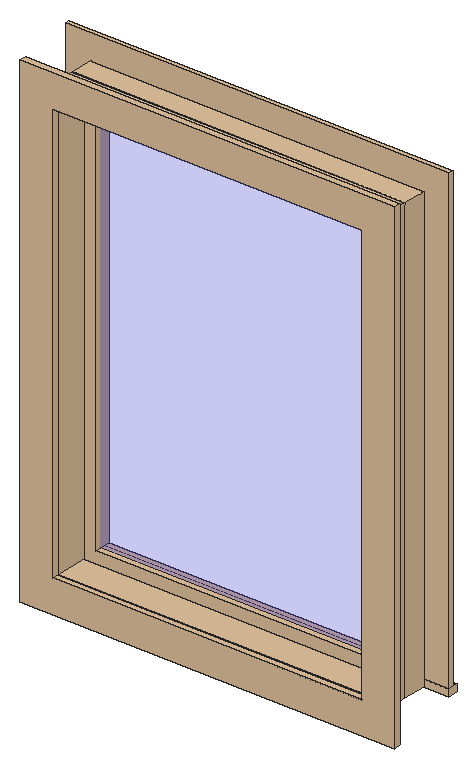
Revit family
Parameters (values of type "36" x 48"")
  Assembly Code = "B2020100"
  Glass Pane Material = Glass
  Height = 4' - 0"
  Sash Material = Sash
  Default Sill Height = 3' - 0"
  Trim Exterior Material = Trim
  Trim Interior Material = Trim
  Trim Projection - Ext. = 0' - 0 1/2"
  Trim Projection - Int. = 0' - 0 3/4"
  Trim Width - Exterior = 0' - 3 1/2"
  Trim Width - Interior = 0' - 3 1/2"
  Wall Closure = (empty or 0)
  Width = 3' - 0"
  Window Inset = 0' - 0 3/4"
Types (10): name | Height | Default Sill Height | Width
  (no name) | 4' - 0" | 3' - 0" | 3' - 0"
  36" x 48" | 4' - 0" | 3' - 0" | 3' - 0"
  24" x 48" | 4' - 0" | 3' - 0" | 2' - 0"
  24" x 24" | 2' - 0" | 3' - 0" | 2' - 0"
  16" x 24" | 2' - 0" | 3' - 0" | 1' - 4"
  16" x 48" | 4' - 0" | 3' - 0" | 1' - 4"
  16" x 72" | 6' - 0" | 1' - 0" | 1' - 4"
  24" x 72" | 6' - 0" | 1' - 0" | 2' - 0"
  36" x 24" | 2' - 0" | 3' - 0" | 3' - 0"
  36" x 72" | 6' - 0" | 1' - 0" | 3' - 0"
Reference planes (in)
  plane 1: y = 0
  plane 2: z = 0
  plane 3 "Center": x = 0
  plane 4 "Left": x = -18
  plane 5 "Right": x = 18
  plane 6 "Sill": z = 36
  plane 7 "Top": z = 84
  plane 8: y = 3
  plane 9: y = -3
  plane 10: y = 2.25
  plane 11 "Top": z = 60
  plane 12: x = -17.25
  plane 13: x = -16.75
  plane 14: x = -20.75
  plane 15: x = -20.25
  plane 16: x = 16.75
  plane 17: x = 17.25
  plane 18: x = 20.25
  plane 19: x = 20.75
  plane 20: z = 86.75
  plane 21: z = 86.25
  plane 22: z = 83.25
  plane 23: z = 82.75
  plane 24: z = 37.25
  plane 25: z = 33.75
  plane 26 "Closure": y = 1.125
Forms (in)
  Extrusion 1, solid, material "Sash" <- "Sash Material"
    sketch origin (0, 0, 0) x (1, 0, 0) y (0, 0, 1)
      loop
        line (-18, 84) -> (-18, 36) -> (18, 36) -> (18, 84) -> (-18, 84)
      loop
        line (-17.25, 83.25) -> (-17.25, 36.75) -> (17.25, 36.75) -> (17.25, 83.25) -> (-17.25, 83.25)
    from -3 to -0.5
  Extrusion 2, solid, material "Sash" <- "Sash Material"
    sketch origin (0, 0, 0) x (-1, 0, 0) y (0, 0, 1)
      loop
        line (-18, 84) -> (-18, 36) -> (18, 36) -> (18, 84) -> (-18, 84)
      loop
        line (-16.75, 82.75) -> (-16.75, 37.25) -> (16.75, 37.25) -> (16.75, 82.75) -> (-16.75, 82.75)
    from 0.5 to -3
  Extrusion 3, solid, material "Sash" <- "Sash Material"
    sketch origin (0, 0, 0) x (-1, 0, 0) y (0, 0, 1)
      loop
        line (-17.25, 83.25) -> (-17.25, 36.75) -> (17.25, 36.75) -> (17.25, 83.25) -> (-17.25, 83.25)
      loop
        line (-15.5, 81.5) -> (-15.5, 38.5) -> (15.5, 38.5) -> (15.5, 81.5) -> (-15.5, 81.5)
    from 0.5 to 2.25
  Extrusion 4, solid, material "Glass" <- "Glass Pane Material"
    sketch origin (-4.9201, 0, -4.60771) x (1, 0, 0) y (0, 0, 1)
      loop
        line (-10.5799, 86.10771) -> (-10.5799, 43.10771) -> (20.4201, 43.10771) -> (20.4201, 86.10771) -> (-10.5799, 86.10771)
    from -1.625 to -1.125
  Extrusion 5, solid, material "Trim" <- "Trim Interior Material"
    sketch origin (0, 0, 0) x (1, 0, 0) y (0, 0, 1)
      loop
        line (-16.75, 82.75) -> (-16.75, 37.25) -> (16.75, 37.25) -> (16.75, 82.75) -> (-16.75, 82.75)
      loop
        line (-20.25, 86.25) -> (-20.25, 33.75) -> (20.25, 33.75) -> (20.25, 86.25) -> (-20.25, 86.25)
    from 3 to 3.75
  Extrusion 6, solid, material "Trim" <- "Trim Exterior Material"
    sketch origin (0, 0, 0) x (-1, 0, 0) y (0, 0, 1)
      loop
        line (-17.25, 83.25) -> (17.25, 83.25) -> (17.25, 36.75) -> (20.75, 36.75) -> (20.75, 86.75) -> (-20.75, 86.75) -> (-20.75, 36.75) -> (-17.25, 36.75) -> (-17.25, 83.25)
    from 3 to 3.5
  Extrusion 7, solid, material "Trim" <- "Trim Exterior Material"
    sketch origin (0, 0, 0) x (-1, 0, 0) y (0, 0, 1)
      loop
        line (-20.75, 36.75) -> (-20.75, 36) -> (20.75, 36) -> (20.75, 36.75) -> (-20.75, 36.75)
    from 3 to 4
Lines and regions (in)
  Opening 1
    outline origin (-60, -3, 0) x (1, 0, 0) y (0, 0, 1)
      loop
        line (42, 84) -> (42, 36) -> (78, 36) -> (78, 84) -> (42, 84)
  symbolic lines, style "WindowsFrameMullionProjection"
    curve 1: line (-18, 3, 0) -> (-17.25, 3, 0)
    curve 2: line (-17.25, 0.5, 0) -> (-17.25, 3, 0)
    curve 3: line (-17.25, 0.5, 0) -> (-16.75, 0.5, 0)
    curve 4: line (-16.75, -3, 0) -> (-16.75, 0.5, 0)
    curve 5: line (18, 3, 0) -> (17.25, 3, 0)
    curve 6: line (16.75, 0.5, 0) -> (16.75, -3, 0)
    curve 7: line (16.75, 0.5, 0) -> (17.25, 0.5, 0)
    curve 8: line (17.25, 0.5, 0) -> (17.25, 3, 0)
    curve 9: line (-17.25, 2.25, 0) -> (-15.5, 2.25, 0)
    curve 10: line (-17.25, 2.25, 0) -> (-17.25, 0.5, 0)
    curve 11: line (-17.25, 0.5, 0) -> (-15.5, 0.5, 0)
    curve 12: line (-15.5, 2.25, 0) -> (-15.5, 0.5, 0)
    curve 13: line (17.25, 2.25, 0) -> (15.5, 2.25, 0)
    curve 14: line (17.25, 2.25, 0) -> (17.25, 0.5, 0)
    curve 15: line (17.25, 0.5, 0) -> (15.5, 0.5, 0)
    curve 16: line (15.5, 2.25, 0) -> (15.5, 0.5, 0)
    curve 20: line (-16.75, -3, 0) -> (-18, -3, 0)
    curve 21: line (16.75, -3, 0) -> (18, -3, 0)
  symbolic lines, style "WindowsGlassProjection"
    curve 17: line (-15.5, 1.375, 0) -> (15.5, 1.375, 0)
  symbolic lines, style "Elevation Swing"
    curve 18: line (-15.5, 0.5, 38.5) -> (15.5, 0.5, 60)
    curve 19: line (15.5, 0.5, 60) -> (-15.5, 0.5, 81.5)
Text (in)
  text "EXTERIOR" at (-58.6888, 30.41546, 0), in view "Floor Line"
  text "INTERIOR" at (-58.6888, -28.32711, 0), in view "Floor Line"
  text "Exterior" at (0, 43.65631, 134.44969), in view "Left"
  text "Exterior" at (0, 18.29385, 125.04747), in view "Right"
Dimensions and locks (in)
  equal spacing: plane 4 "Left", plane 3 "Center", plane 5 "Right"
  "Width": plane 4 "Left" to plane 5 "Right"
  plane 2 to plane 25 to plane 6 "Sill" to plane 11 "Top" to plane 7 "Top" = 2' - 9 3/4", 0' - 2 1/4", 2' - 0", 2' - 0"
  "Window Inset": plane 8 to plane 10
  locked: plane 10 to Extrusion 3 at 1.75
  locked: plane 10 to Extrusion 4 at 0.625
  locked: Extrusion 4 to Extrusion 4 at 0.5
  "Trim Projection - Int.": Extrusion 5 to Extrusion 5
  equal spacing: plane 6 "Sill", plane 11 "Top", plane 7 "Top"
  locked: Extrusion 7 to Extrusion 6 at 0.5
  "Trim Projection - Ext.": Extrusion 6 to Extrusion 6
  locked: plane 4 "Left" to plane 13 at 1.25
  locked: plane 16 to plane 5 "Right" at 1.25
  locked: plane 4 "Left" to plane 12 at 0.75
  locked: plane 17 to plane 5 "Right" at 0.75
  locked: plane 22 to plane 7 "Top" at 0.75
  "Trim Width - Exterior": plane 22 to plane 20
  "Trim Width - Exterior": plane 17 to plane 19
  "Trim Width - Exterior": plane 14 to plane 12
  locked: plane 7 "Top" to plane 23 at 1.25
  locked: plane 24 to plane 6 "Sill" at 1.25
  "Trim Width - Interior": plane 21 to plane 23
  "Trim Width - Interior": plane 24 to plane 25
  "Trim Width - Interior": plane 15 to plane 13
  "Trim Width - Interior": plane 16 to plane 18
  locked: Extrusion 7 sketch curve to Extrusion 7 sketch curve at 0.75
  "Height": plane 7 "Top" to plane 6 "Sill"
  "Default Sill Height": plane 6 "Sill" to plane 2
  locked: plane 10 to plane 26 "Closure" at 1.125
  aligned and locked: plane 7 "Top" to Opening 1 sketch curve
  aligned and locked: plane 6 "Sill" to Opening 1 sketch curve  (x2)
  aligned and locked: plane 5 "Right" to Opening 1 sketch curve
  aligned and locked: plane 4 "Left" to Opening 1 sketch curve
  aligned and locked: plane 9 to host wall
  aligned and locked: host wall to Extrusion 2
  aligned and locked: plane 10 to Extrusion 3
  aligned and locked: plane 8 to host wall
  aligned and locked: host wall to Extrusion 1
  aligned and locked: Extrusion 2 to Extrusion 1
  aligned and locked: Extrusion 1 to Extrusion 3
  aligned and locked: Extrusion 4 sketch curve to Extrusion 3  (x4)
  aligned and locked: curve 5 to Extrusion 1  (x2)
  aligned and locked: Extrusion 2 to curve 6
  aligned and locked: curve 4 to Extrusion 2
  aligned and locked: curve 16 to Extrusion 3
  aligned and locked: Extrusion 1 to curve 11
  aligned and locked: Extrusion 1 to curve 7
  aligned and locked: Extrusion 5 sketch curve to Extrusion 2  (x4)
  aligned and locked: Extrusion 5 to host wall
  aligned and locked: Extrusion 7 sketch curve to Extrusion 6  (x2)
  aligned and locked: Extrusion 6 to host wall
  aligned and locked: Extrusion 7 to host wall
Automatic sketch dimensions
  Extrusion 1 sketch curve to plane 4 "Left" = 0' - 0"
  Extrusion 1 sketch curve to plane 5 "Right" = 0' - 0"
  Extrusion 1 sketch curve to plane 4 "Left" = 0' - 0 3/4"
  plane 5 "Right" to Extrusion 1 sketch curve = 0' - 0 3/4"
  Extrusion 1 sketch curve to plane 6 "Sill" = 0' - 0"
  Extrusion 1 sketch curve to plane 7 "Top" = 0' - 0"
  Extrusion 1 sketch curve to plane 6 "Sill" = 0' - 0 3/4"
  plane 7 "Top" to Extrusion 1 sketch curve = 0' - 0 3/4"
  Extrusion 2 sketch curve to plane 5 "Right" = 0' - 0"
  Extrusion 2 sketch curve to plane 4 "Left" = 0' - 0"
  plane 5 "Right" to Extrusion 2 sketch curve = 0' - 1 1/4"
  Extrusion 2 sketch curve to plane 4 "Left" = 0' - 1 1/4"
  Extrusion 2 sketch curve to plane 6 "Sill" = 0' - 0"
  Extrusion 2 sketch curve to plane 7 "Top" = 0' - 0"
  Extrusion 2 sketch curve to plane 6 "Sill" = 0' - 1 1/4"
  plane 7 "Top" to Extrusion 2 sketch curve = 0' - 1 1/4"
  plane 5 "Right" to Extrusion 3 sketch curve = 0' - 0 3/4"
  plane 5 "Right" to Extrusion 3 sketch curve = 0' - 2 1/2"
  Extrusion 3 sketch curve to plane 4 "Left" = 0' - 2 1/2"
  Extrusion 3 sketch curve to plane 4 "Left" = 0' - 0 3/4"
  Extrusion 3 sketch curve to plane 6 "Sill" = 0' - 0 3/4"
  Extrusion 3 sketch curve to plane 6 "Sill" = 0' - 2 1/2"
  plane 7 "Top" to Extrusion 3 sketch curve = 0' - 2 1/2"
  plane 7 "Top" to Extrusion 3 sketch curve = 0' - 0 3/4"
  curve 19 to plane 11 "Top" = 0' - 0"
  curve 18 to plane 6 "Sill" = 0' - 2 1/2"
  curve 18 to plane 4 "Left" = 0' - 2 1/2"
  plane 5 "Right" to curve 18 = 0' - 2 1/2"
  curve 20 to plane 4 "Left" = 0' - 0"
  curve 1 to plane 4 "Left" = 0' - 0"
  curve 2 to plane 8 = 0' - 0"
  curve 10 to plane 10 = 0' - 0"
  curve 13 to plane 10 = 0' - 0"
  curve 21 to plane 5 "Right" = 0' - 0"
  curve 2 to plane 4 "Left" = 0' - 0 3/4"
  curve 9 to curve 12 = 0' - 1 3/4"
  plane 5 "Right" to curve 13 = 0' - 0 3/4"
  curve 21 to plane 9 = 0' - 0"
  curve 4 to plane 9 = 0' - 0"
  curve 11 to curve 17 = 0' - 0 7/8"
  Extrusion 7 sketch curve to plane 14 = 0' - 0"
  Extrusion 5 sketch curve to plane 15 = 0' - 0"
  Extrusion 5 sketch curve to plane 18 = 0' - 0"
  Extrusion 5 sketch curve to plane 25 = 0' - 0"
  Extrusion 5 sketch curve to plane 21 = 0' - 0"
  Extrusion 6 sketch curve to plane 19 = 0' - 0"
  Extrusion 6 sketch curve to plane 17 = 0' - 0"
  Extrusion 6 sketch curve to plane 12 = 0' - 0"
  Extrusion 6 sketch curve to plane 14 = 0' - 0"
  Extrusion 6 sketch curve to plane 22 = 0' - 0"
  Extrusion 6 sketch curve to plane 20 = 0' - 0"
  Extrusion 6 sketch curve to plane 6 "Sill" = 0' - 0 3/4"  (x2)
  plane 23 to curve 19 = 0' - 1 1/4"
  curve 19 to plane 13 = 0' - 1 1/4"
